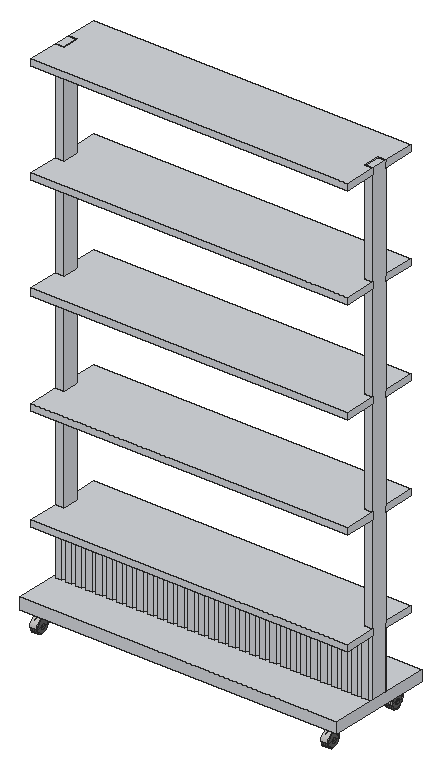
Revit family "ThinkingWall Shelf", category Generic Models, Revit 2023
Family settings
  Can host rebar = No
  Round Connector Dimension = Use Diameter
  Part Type = Normal
  Work Plane-Based = No
  Always vertical = Yes
  Cut with Voids When Loaded = No
  Maintain Annotation Orientation = No
  Shared = No
  Room Calculation Point = No
Parameters (values of type "ThinkingWall® Shelf")
  URL = "https://www.logovisual.com/product/whiteboards/thinkingwall/acoustics/thinkingwall-mobile-acoustic-shelf/"
  Steel Colour = none
  Shelf Colour = none
  Plinth Colour = none
  No of Slat = 31
  Model = "ThinkingWall® Shelf"
  Manufacturer = "Logovisual LTD"
  Length = 1200 mm  # constant formula
  Description = "Mobile freestanding shelving unit. Part of the ThinkingWall® range for flexible breakout and meeting spaces."
  Default Elevation = 0 mm
  Acoustic Colour = none
Reference planes
  plane 1 "Center (Front/Back)": y = 0
  plane 2: z = 0
  plane 3 "Center (Left/Right)": x = 0
  plane 4: y = 200
  plane 5: x = 1200
  plane 6: y = -200
  plane 7: x = 600
  plane 8: z = 71.5
  plane 9 "a": z = 114.5
  plane 10: x = 30
  plane 11: x = 1170
  plane 12: z = 1914.5
  plane 13: y = 30
  plane 14: y = -30
  plane 15: z = 363.5
  plane 16: x = 595
  plane 17: x = 605
  plane 18: y = -183
  plane 19: y = 182
  plane 20: z = 1504.5
  plane 21: z = 1114.5
  plane 22: y = 75
  plane 23: y = -75
  plane 24: x = 80
  plane 25: x = 1120
  plane 26: z = 1890.5
  plane 27: z = 1885.5
  plane 28: z = 1499.5
  plane 29: z = 1109.5
  plane 30: z = 724.5
  plane 31: z = 719.5
  plane 32: z = 1528.5
  plane 33: z = 1138.5
  plane 34: z = 748.5
  plane 35: z = 339.5
  plane 36: z = 334.5
Forms (mm)
  Extrusion 1, solid, material <- "Plinth Colour"
    sketch origin (-511.407, -1524, 71.5) x (-1, 0, 0) y (0, -1, 0)
      loop
        line (-511.407, -1724) -> (-511.407, -1324) -> (-1711.407, -1324) -> (-1711.407, -1724) -> (-511.407, -1724)
    from 0 to 43
  Extrusion 2, solid, material <- "Steel Colour"
    sketch origin (-511.407, -1524, 114.5) x (-1, 0, 0) y (0, -1, 0)
      loop
        line (-511.407, -1554) -> (-511.407, -1494) -> (-541.407, -1494) -> (-541.407, -1554) -> (-511.407, -1554)
      loop
        line (-1681.407, -1554) -> (-1681.407, -1494) -> (-1711.407, -1494) -> (-1711.407, -1554) -> (-1681.407, -1554)
    from 0 to 1800
  Extrusion 3, solid
    sketch origin (0, 0, 0) x (1, 0, 0) y (0, 0, 1)
      loop
        line (30, 1890.5) -> (30, 1885.5) -> (80, 1885.5) -> (80, 1890.5) -> (30, 1890.5)
      loop
        line (30, 1504.5) -> (30, 1499.5) -> (80, 1499.5) -> (80, 1504.5) -> (30, 1504.5)
      loop
        line (30, 1114.5) -> (30, 1109.5) -> (80, 1109.5) -> (80, 1114.5) -> (30, 1114.5)
      loop
        line (1170, 1114.5) -> (1120, 1114.5) -> (1120, 1109.5) -> (1170, 1109.5) -> (1170, 1114.5)
      loop
        line (1170, 1504.5) -> (1120, 1504.5) -> (1120, 1499.5) -> (1170, 1499.5) -> (1170, 1504.5)
      loop
        line (1170, 1890.5) -> (1120, 1890.5) -> (1120, 1885.5) -> (1170, 1885.5) -> (1170, 1890.5)
      loop
        line (30, 724.5) -> (30, 719.5) -> (80, 719.5) -> (80, 724.5) -> (30, 724.5)
      loop
        line (1170, 724.5) -> (1120, 724.5) -> (1120, 719.5) -> (1170, 719.5) -> (1170, 724.5)
      loop
        line (30, 329.5) -> (30, 324.5) -> (80, 324.5) -> (80, 329.5) -> (30, 329.5)
      loop
        line (1170, 324.5) -> (1170, 329.5) -> (1120, 329.5) -> (1120, 324.5) -> (1170, 324.5)
    from -75 to 75
  Extrusion 4, void
    sketch origin (-537.43, -1524, 363.5) x (0, -1, 0) y (-1, 0, 0)
      loop
        line (-1554, -537.43) -> (-1554, -567.43) -> (-1494, -567.43) -> (-1494, -537.43) -> (-1554, -537.43)
      loop
        line (-1554, -1737.43) -> (-1494, -1737.43) -> (-1494, -1707.43) -> (-1554, -1707.43) -> (-1554, -1737.43)
    from -1527 to 29
Cuts and joins
  Extrusion 4 cuts Extrusion 3
Dimensions and locks
  equal spacing: plane 4, plane 1 "Center (Front/Back)", plane 6
  plane 4 to plane 6 = 400 mm
  "Length": plane 3 "Center (Left/Right)" to plane 5
  locked: plane 3 "Center (Left/Right)" to nested 1 at 50
  locked: plane 4 to nested 1 at 50
  equal spacing: plane 3 "Center (Left/Right)", plane 7, plane 5
  locked: plane 4 to nested 2 at 50
  locked: nested 2 to plane 5 at 50
  locked: nested 4 to plane 5 at 50
  locked: plane 3 "Center (Left/Right)" to nested 3 at 50
  locked: plane 6 to nested 3 at 50
  locked: plane 6 to nested 4 at 50
  locked: plane 8 to level at 71.5
  plane 9 "a" to plane 8 = 43 mm
  locked: plane 3 "Center (Left/Right)" to plane 10 at 30
  locked: plane 11 to plane 5 at 30
  plane 12 to level = 1914.5 mm
  equal spacing: plane 13, plane 1 "Center (Front/Back)", plane 14
  locked: plane 13 to plane 14 at 60
  plane 15 to plane 9 "a" = 249 mm
  locked: plane 4 to plane 19 at 18
  locked: plane 6 to plane 18 at 17
  equal spacing: plane 16, plane 7, plane 17
  locked: plane 16 to plane 17 at 10
  plane 33 to plane 9 "a" = 1024 mm
  plane 32 to plane 9 "a" = 1414 mm
  plane 12 to plane 9 "a" = 1800 mm
  equal spacing: plane 22, plane 1 "Center (Front/Back)", plane 23, locked at 75 each
  locked: plane 10 to plane 24 at 50
  locked: plane 11 to plane 25 at 50
  plane 12 to plane 26 = 24 mm
  locked: plane 26 to plane 27 at 5
  locked: plane 20 to plane 28 at 5
  locked: plane 21 to plane 29 at 5
  equal spacing: group 1, group 3, group 4, group 5, group 6, group 7, group 8, group 9, group 10, group 11, group 12, group 13, group 14, group 15, group 16, group 17, group 18, group 19, group 20, group 41, group 42, group 43, group 44, group 45, group 46, group 47, group 48, group 49, group 50, group 61, group 2  (x3)
  equal spacing: group 21, group 23, group 24, group 25, group 26, group 27, group 28, group 29, group 30, group 31, group 32, group 33, group 34, group 35, group 36, group 37, group 38, group 39, group 40, group 51, group 52, group 53, group 54, group 55, group 56, group 57, group 58, group 59, group 60, group 62, group 22  (x3)
  locked: plane 30 to plane 31 at 5
  plane 34 to plane 9 "a" = 634 mm
  locked: plane 35 to plane 36 at 5
  locked: plane 15 to plane 35 at 24
  plane 34 to plane 30 = 24 mm
  plane 33 to plane 21 = 24 mm
  locked: plane 32 to plane 20 at 24
  aligned and locked: level to plane 2
  aligned and locked: Extrusion 1 sketch curve to plane 4
  aligned and locked: plane 3 "Center (Left/Right)" to Extrusion 1 sketch curve
  aligned and locked: Extrusion 1 sketch curve to plane 6
  aligned and locked: Extrusion 1 sketch curve to plane 5
  aligned and locked: Extrusion 1 to plane 8
  aligned and locked: Extrusion 1 to plane 9 "a"
  aligned and locked: Extrusion 2 sketch curve to plane 13  (x2)
  aligned and locked: plane 3 "Center (Left/Right)" to Extrusion 2 sketch curve
  aligned and locked: Extrusion 2 sketch curve to plane 14  (x2)
  aligned and locked: Extrusion 2 sketch curve to plane 10
  aligned and locked: Extrusion 2 sketch curve to plane 11
  aligned and locked: Extrusion 2 sketch curve to plane 5
  aligned and locked: Extrusion 2 to plane 9 "a"
  aligned and locked: plane 12 to Extrusion 2
  aligned and locked: plane 1 "Center (Front/Back)" to nested 5
  aligned and locked: nested 5 to plane 21
  aligned and locked: plane 12 to nested 7
  aligned and locked: nested 6 to plane 20
  aligned and locked: nested 8 to plane 9 "a"
  aligned and locked: plane 9 "a" to nested 9
  aligned and locked: plane 14 to nested 9
  aligned and locked: plane 14 to nested 8
  aligned and locked: plane 13 to nested 29
  aligned and locked: plane 13 to nested 28
  aligned and locked: nested 28 to plane 9 "a"
  aligned and locked: plane 9 "a" to nested 29
  aligned and locked: nested 48 to plane 30
  aligned and locked: nested 7 to plane 5
  aligned and locked: plane 3 "Center (Left/Right)" to nested 7
  aligned and locked: plane 3 "Center (Left/Right)" to nested 6
  aligned and locked: nested 6 to plane 5
  aligned and locked: nested 5 to plane 5
  aligned and locked: plane 3 "Center (Left/Right)" to nested 5
  aligned and locked: plane 3 "Center (Left/Right)" to nested 48
  aligned and locked: nested 48 to plane 5
  aligned and locked: plane 3 "Center (Left/Right)" to nested 8
  aligned and locked: plane 3 "Center (Left/Right)" to nested 28
  aligned and locked: nested 29 to plane 5
  aligned and locked: nested 9 to plane 5
  aligned and locked: plane 13 to Extrusion 4 sketch curve
  aligned and locked: Extrusion 4 sketch curve to plane 3 "Center (Left/Right)"
  aligned and locked: plane 14 to Extrusion 4 sketch curve
  aligned and locked: plane 10 to Extrusion 4 sketch curve
  aligned and locked: Extrusion 4 sketch curve to plane 13
  aligned and locked: Extrusion 4 sketch curve to plane 5
  aligned and locked: Extrusion 4 sketch curve to plane 14
  aligned and locked: Extrusion 4 sketch curve to plane 11
  aligned and locked: plane 3 "Center (Left/Right)" to nested 49
  aligned and locked: nested 49 to plane 5
  aligned and locked: plane 26 to nested 7
  aligned and locked: plane 26 to cut or joined group of Extrusion 3, Extrusion 4
  aligned and locked: plane 32 to nested 6
  aligned and locked: plane 33 to nested 5
  aligned and locked: plane 34 to nested 48
  aligned and locked: Extrusion 4 to nested 18
Automatic sketch dimensions
  Extrusion 3 sketch curve to plane 5 = 30 mm  (x2)
  Extrusion 3 sketch curve to plane 35 = 10 mm
  Extrusion 3 sketch curve to plane 36 = 10 mm  (x2)
  Extrusion 3 sketch curve to plane 36 = 5 mm
  Extrusion 3 sketch curve to plane 31 = 0 mm  (x2)
  Extrusion 3 sketch curve to plane 30 = 0 mm  (x2)
  Extrusion 3 sketch curve to plane 29 = 0 mm  (x2)
  Extrusion 3 sketch curve to plane 21 = 0 mm  (x2)
  Extrusion 3 sketch curve to plane 28 = 0 mm  (x2)
  Extrusion 3 sketch curve to plane 20 = 0 mm  (x2)
  Extrusion 3 sketch curve to plane 27 = 0 mm  (x2)
  Extrusion 3 sketch curve to plane 26 = 0 mm  (x2)
  Extrusion 3 sketch curve to plane 25 = 0 mm
  plane 11 to Extrusion 3 sketch curve = 50 mm  (x4)
  plane 10 to Extrusion 3 sketch curve = 50 mm  (x5)
  plane 11 to Extrusion 3 sketch curve = 0 mm  (x3)
  Extrusion 3 sketch curve to plane 10 = 0 mm  (x5)
Nested families
  nested 1: "50mm_Caster_Wheel 2" at (50, 150, 0) x (0, 1, 0) z (0, 0, 1), type "50mm_Caster_Wheel 2"
  nested 2: "50mm_Caster_Wheel 2" at (1150, 150, 0) x (0, 1, 0) z (0, 0, 1), type "50mm_Caster_Wheel 2"
  nested 3: "50mm_Caster_Wheel 2" at (50, -150, 0) x (0, 1, 0) z (0, 0, 1), type "50mm_Caster_Wheel 2"
  nested 4: "50mm_Caster_Wheel 2" at (1150, -150, 0) x (0, 1, 0) z (0, 0, 1), type "50mm_Caster_Wheel 2"
  nested 5: "Shelve" at (600, 0, 1114.5), type "Shelve"
    with Width 300 mm, Length 1200 mm
  nested 6: "Shelve" at (600, 0, 1504.5), type "Shelve"
    with Width 300 mm, Length 1200 mm
  nested 7: "Shelve" at (600, 0, 1890.5), type "Shelve"
    with Width 300 mm, Length 1200 mm
  nested 8: "Panel" at (0, -30, 114.5), type "Panel"
    with Height 220 mm
  nested 9: "Panel" at (1160, -30, 114.5), type "Panel"
    with Height 220 mm
  nested 10: "Panel" at (38.667, -30, 114.5), type "Panel"
    with Height 220 mm
  nested 11: "Panel" at (77.333, -30, 114.5), type "Panel"
    with Height 220 mm
  nested 12: "Panel" at (116, -30, 114.5), type "Panel"
    with Height 220 mm
  nested 13: "Panel" at (154.667, -30, 114.5), type "Panel"
    with Height 220 mm
  nested 14: "Panel" at (193.333, -30, 114.5), type "Panel"
    with Height 220 mm
  nested 15: "Panel" at (232, -30, 114.5), type "Panel"
    with Height 220 mm
  nested 16: "Panel" at (270.667, -30, 114.5), type "Panel"
    with Height 220 mm
  nested 17: "Panel" at (309.333, -30, 114.5), type "Panel"
    with Height 220 mm
  nested 18: "Panel" at (348, -30, 114.5), type "Panel"
    with Height 220 mm
  nested 19: "Panel" at (386.667, -30, 114.5), type "Panel"
    with Height 220 mm
  nested 20: "Panel" at (425.333, -30, 114.5), type "Panel"
    with Height 220 mm
  nested 21: "Panel" at (464, -30, 114.5), type "Panel"
    with Height 220 mm
  nested 22: "Panel" at (502.667, -30, 114.5), type "Panel"
    with Height 220 mm
  nested 23: "Panel" at (541.333, -30, 114.5), type "Panel"
    with Height 220 mm
  nested 24: "Panel" at (580, -30, 114.5), type "Panel"
    with Height 220 mm
  nested 25: "Panel" at (618.667, -30, 114.5), type "Panel"
    with Height 220 mm
  nested 26: "Panel" at (657.333, -30, 114.5), type "Panel"
    with Height 220 mm
  nested 27: "Panel" at (696, -30, 114.5), type "Panel"
    with Height 220 mm
  nested 28: "Panel" at (40, 30, 114.5) x (-1, 0, 0) z (0, 0, 1), type "Panel"
    with Height 220 mm
  nested 29: "Panel" at (1200, 30, 114.5) x (-1, 0, 0) z (0, 0, 1), type "Panel"
    with Height 220 mm
  nested 30: "Panel" at (78.667, 30, 114.5) x (-1, 0, 0) z (0, 0, 1), type "Panel"
    with Height 220 mm
  nested 31: "Panel" at (117.333, 30, 114.5) x (-1, 0, 0) z (0, 0, 1), type "Panel"
    with Height 220 mm
  nested 32: "Panel" at (156, 30, 114.5) x (-1, 0, 0) z (0, 0, 1), type "Panel"
    with Height 220 mm
  nested 33: "Panel" at (194.667, 30, 114.5) x (-1, 0, 0) z (0, 0, 1), type "Panel"
    with Height 220 mm
  nested 34: "Panel" at (233.333, 30, 114.5) x (-1, 0, 0) z (0, 0, 1), type "Panel"
    with Height 220 mm
  nested 35: "Panel" at (272, 30, 114.5) x (-1, 0, 0) z (0, 0, 1), type "Panel"
    with Height 220 mm
  nested 36: "Panel" at (310.667, 30, 114.5) x (-1, 0, 0) z (0, 0, 1), type "Panel"
    with Height 220 mm
  nested 37: "Panel" at (349.333, 30, 114.5) x (-1, 0, 0) z (0, 0, 1), type "Panel"
    with Height 220 mm
  nested 38: "Panel" at (388, 30, 114.5) x (-1, 0, 0) z (0, 0, 1), type "Panel"
    with Height 220 mm
  nested 39: "Panel" at (426.667, 30, 114.5) x (-1, 0, 0) z (0, 0, 1), type "Panel"
    with Height 220 mm
  nested 40: "Panel" at (465.333, 30, 114.5) x (-1, 0, 0) z (0, 0, 1), type "Panel"
    with Height 220 mm
  nested 41: "Panel" at (504, 30, 114.5) x (-1, 0, 0) z (0, 0, 1), type "Panel"
    with Height 220 mm
  nested 42: "Panel" at (542.667, 30, 114.5) x (-1, 0, 0) z (0, 0, 1), type "Panel"
    with Height 220 mm
  nested 43: "Panel" at (581.333, 30, 114.5) x (-1, 0, 0) z (0, 0, 1), type "Panel"
    with Height 220 mm
  nested 44: "Panel" at (620, 30, 114.5) x (-1, 0, 0) z (0, 0, 1), type "Panel"
    with Height 220 mm
  nested 45: "Panel" at (658.667, 30, 114.5) x (-1, 0, 0) z (0, 0, 1), type "Panel"
    with Height 220 mm
  nested 46: "Panel" at (697.333, 30, 114.5) x (-1, 0, 0) z (0, 0, 1), type "Panel"
    with Height 220 mm
  nested 47: "Panel" at (736, 30, 114.5) x (-1, 0, 0) z (0, 0, 1), type "Panel"
    with Height 220 mm
  nested 48: "Shelve" at (600, 0, 724.5), type "Shelve"
    with Width 300 mm, Length 1200 mm
  nested 49: "Shelve" at (600, 0, 329.5), type "Shelve"
    with Width 300 mm, Length 1200 mm
  nested 50: "Panel" at (734.667, -30, 114.5), type "Panel"
    with Height 220 mm
  nested 51: "Panel" at (773.333, -30, 114.5), type "Panel"
    with Height 220 mm
  nested 52: "Panel" at (812, -30, 114.5), type "Panel"
    with Height 220 mm
  nested 53: "Panel" at (850.667, -30, 114.5), type "Panel"
    with Height 220 mm
  nested 54: "Panel" at (889.333, -30, 114.5), type "Panel"
    with Height 220 mm
  nested 55: "Panel" at (928, -30, 114.5), type "Panel"
    with Height 220 mm
  nested 56: "Panel" at (966.667, -30, 114.5), type "Panel"
    with Height 220 mm
  nested 57: "Panel" at (1005.333, -30, 114.5), type "Panel"
    with Height 220 mm
  nested 58: "Panel" at (1044, -30, 114.5), type "Panel"
    with Height 220 mm
  nested 59: "Panel" at (1082.667, -30, 114.5), type "Panel"
    with Height 220 mm
  nested 60: "Panel" at (774.667, 30, 114.5) x (-1, 0, 0) z (0, 0, 1), type "Panel"
    with Height 220 mm
  nested 61: "Panel" at (813.333, 30, 114.5) x (-1, 0, 0) z (0, 0, 1), type "Panel"
    with Height 220 mm
  nested 62: "Panel" at (852, 30, 114.5) x (-1, 0, 0) z (0, 0, 1), type "Panel"
    with Height 220 mm
  nested 63: "Panel" at (890.667, 30, 114.5) x (-1, 0, 0) z (0, 0, 1), type "Panel"
    with Height 220 mm
  nested 64: "Panel" at (929.333, 30, 114.5) x (-1, 0, 0) z (0, 0, 1), type "Panel"
    with Height 220 mm
  nested 65: "Panel" at (968, 30, 114.5) x (-1, 0, 0) z (0, 0, 1), type "Panel"
    with Height 220 mm
  nested 66: "Panel" at (1006.667, 30, 114.5) x (-1, 0, 0) z (0, 0, 1), type "Panel"
    with Height 220 mm
  nested 67: "Panel" at (1045.333, 30, 114.5) x (-1, 0, 0) z (0, 0, 1), type "Panel"
    with Height 220 mm
  nested 68: "Panel" at (1084, 30, 114.5) x (-1, 0, 0) z (0, 0, 1), type "Panel"
    with Height 220 mm
  nested 69: "Panel" at (1122.667, 30, 114.5) x (-1, 0, 0) z (0, 0, 1), type "Panel"
    with Height 220 mm
  nested 70: "Panel" at (1121.333, -30, 114.5), type "Panel"
    with Height 220 mm
  nested 71: "Panel" at (1161.333, 30, 114.5) x (-1, 0, 0) z (0, 0, 1), type "Panel"
    with Height 220 mm
Definition of nested family "50mm_Caster_Wheel 2"
  Parameters (values of type "50mm_Caster_Wheel 2")
    Default Elevation = 0 mm
  Reference planes
    plane 1 "Center (Front/Back)": y = 0
    plane 2: z = 0
    plane 3 "Center (Left/Right)": x = 0
    plane 4 "VWhlCntr": x = -22
    plane 5 "WhlCntr": z = 25
    plane 6: z = 56.73
    plane 7: z = 55.23
  Forms (mm)
    Revolve 1, solid
      sketch origin (0, 0, 25) x (-1, 0, 0) y (0, -1, 0)
        loop
          line (45.5, 13.5) -> (29.872, 13.5) -> (30.032, 14.411)
          arc (30.032, 14.411) -> (29.873, 15.004) -> (29.317, 15.263) r 0.727
          line (29.317, 15.263) -> (22, 15.263) -> (22, 4.169) -> (47, 4.169) -> (47, 12)
          arc (47, 12) -> (46.561, 13.061) -> (45.5, 13.5) r 1.5
        loop
          arc (45.5, -13.5) -> (46.561, -13.061) -> (47, -12) r 1.5
          line (47, -12) -> (47, -4.169) -> (22, -4.169) -> (22, -15.263) -> (29.317, -15.263)
          arc (29.317, -15.263) -> (29.873, -15.004) -> (30.032, -14.411) r 0.727
          line (30.032, -14.411) -> (29.872, -13.5) -> (45.5, -13.5)
        axis (22, 15.263) -> (22, -15.263)
      angle from 0 to 360
    Revolve 2, solid
      sketch origin (0, 0, 25) x (-1, 0, 0) y (0, -1, 0)
        loop
          line (22, 3.174) -> (33.047, 3.174)
          arc (33.047, 3.174) -> (32.755, 3.878) -> (32.052, 4.169) r 0.995
          line (32.052, 4.169) -> (22, 4.169) -> (22, 3.174)
        loop
          line (22, -3.174) -> (22, -4.169) -> (32.052, -4.169)
          arc (32.052, -4.169) -> (32.755, -3.878) -> (33.047, -3.174) r 0.995
          line (33.047, -3.174) -> (22, -3.174)
        axis (22, 4.169) -> (22, -4.169)
      angle from 0 to 360
    Revolve 3, solid
      sketch origin (0, 0, 0) x (1, 0, 0) y (0, 0, 1)
        loop
          line (0, 60) -> (21.525, 60) -> (21.525, 62.198)
          arc (21.525, 62.198) -> (20.577, 63.345) -> (19.43, 64.292) r 7.866
          arc (19.43, 64.292) -> (16.996, 68.264) -> (12.416, 67.416) r 4.113
          line (12.416, 67.416) -> (10, 65) -> (10, 70) -> (0, 70) -> (0, 60)
        axis (0, 60) -> (0, 70)
      angle from 0 to 360
    Extrusion 4, solid
      sketch origin (0, 0, 0) x (1, 0, 0) y (0, 0, 1)
        loop
          circle (-22, 25) r 2.964
      from -12.5 to 12.5
    Extrusion 5, solid
      sketch origin (0, 0, 70) x (1, 0, 0) y (0, 1, 0)
        loop
          line (-25, 25) -> (-25, -25) -> (25, -25) -> (25, 25) -> (-25, 25)
      from 0 to 1.5
    Extrusion 6, solid
      sketch origin (0, 0, 0) x (1, 0, 0) y (0, 0, 1)
        loop
          line (-49.398, 25.312) -> (-47.348, 25.312)
          arc (-47.348, 25.312) -> (-22.059, 50.601) -> (3.229, 25.313) r 25.288
          line (3.229, 25.313) -> (5.279, 25.313)
          arc (5.279, 25.313) -> (-22.059, 52.651) -> (-49.398, 25.312) r 27.339
      from -13.5 to 13.5
    Extrusion 7, solid
      sketch origin (0, 0, 0) x (1, 0, 0) y (0, 0, 1)
        loop
          arc (-22.059, 52.651) -> (-2.728, 44.644) -> (5.279, 25.312) r 27.339
          line (5.279, 25.312) -> (5.279, 60) -> (-22.059, 60) -> (-22.059, 52.651)
      from -13.5 to 13.5
  Dimensions and locks
    plane 3 "Center (Left/Right)" to plane 4 "VWhlCntr" = 22 mm
    Revolve 3 to level = 70 mm
    Revolve 3 to plane 2 = 70 mm
    diameter of Revolve 1 = 50 mm
    aligned and locked: level to plane 2
Definition of nested family "Shelve"
  Parameters (values of type "Shelve")
    Width [instance] = 400 mm
    Shelve = none
    Length [instance] = 570 mm
    Default Elevation = 0 mm
  Reference planes
    plane 1 "Center (Front/Back)": y = 0
    plane 2: z = 0
    plane 3 "Center (Left/Right)": x = 0
    plane 4: x = -285
    plane 5: y = 200
    plane 6: y = -200
    plane 7: x = 285
    plane 8: z = 24
    plane 9: z = 12
    plane 10: x = 255
    plane 11: x = -255
    plane 12: y = 30
    plane 13: y = -30
  Forms (mm)
    Extrusion 1, solid, material <- "Shelve"
      sketch origin (0, 0, 0) x (1, 0, 0) y (0, 1, 0)
        loop
          line (-285, 200) -> (-285, 30) -> (-255, 30) -> (-255, -30) -> (-285, -30) -> (-285, -200) -> (285, -200) -> (285, -30) -> (255, -30) -> (255, 30) -> (285, 30) -> (285, 200) -> (-285, 200)
      from 0 to 24
  Dimensions and locks
    equal spacing: plane 8, plane 9, level
    equal spacing: plane 4, plane 3 "Center (Left/Right)", plane 7
    "Length": plane 4 to plane 7
    equal spacing: plane 5, plane 1 "Center (Front/Back)", plane 6
    "Width": plane 5 to plane 6
    locked: plane 4 to plane 11 at 30
    locked: plane 10 to plane 7 at 30
    equal spacing: plane 12, plane 1 "Center (Front/Back)", plane 13
    locked: plane 12 to plane 13 at 60
    aligned and locked: level to plane 2
    aligned and locked: plane 8 to Extrusion 1
    aligned and locked: Extrusion 1 sketch curve to plane 12
    aligned and locked: plane 12 to Extrusion 1 sketch curve
    aligned and locked: Extrusion 1 sketch curve to plane 11
    aligned and locked: Extrusion 1 sketch curve to plane 13
    aligned and locked: plane 13 to Extrusion 1 sketch curve
    aligned and locked: plane 10 to Extrusion 1 sketch curve
  Automatic sketch dimensions
    plane 6 to Extrusion 1 sketch curve = 0 mm
    Extrusion 1 sketch curve to plane 5 = 0 mm
    Extrusion 1 sketch curve to plane 4 = 0 mm  (x2)
    Extrusion 1 sketch curve to plane 7 = 0 mm  (x2)
Definition of nested family "Panel"
  Parameters (values of type "Panel")
    Height = 1190.083 mm
    Default Elevation = 0 mm
    Acoustic = none
  Reference planes
    plane 1 "Center (Front/Back)": y = 0
    plane 2: z = 0
    plane 3 "Center (Left/Right)": x = 0
    plane 4: z = 1190.083
    plane 5: x = 40
    plane 6: y = -12
    plane 7: z = 0
    plane 8: x = 8
    plane 9: x = 32
  Forms (mm)
    Extrusion 1, solid, material <- "Acoustic"
      sketch origin (0, 0, 0) x (1, 0, 0) y (0, 1, 0)
        loop
          line (0, 0) -> (8, -12) -> (32, -12) -> (40, 0) -> (0, 0)
      from 0 to 1190.083
  Dimensions and locks
    plane 3 "Center (Left/Right)" to plane 5 = 40 mm
    plane 6 to plane 1 "Center (Front/Back)" = 12 mm  (x2)
    "Height": plane 4 to plane 2
    plane 7 to level = 0 mm
    plane 5 to plane 3 "Center (Left/Right)" = 40 mm
    plane 3 "Center (Left/Right)" to plane 8 = 8 mm
    plane 9 to plane 5 = 8 mm
    aligned and locked: level to plane 2
    aligned and locked: plane 1 "Center (Front/Back)" to Extrusion 1 sketch curve
    aligned and locked: plane 6 to Extrusion 1 sketch curve
    aligned and locked: Extrusion 1 to plane 7
    aligned and locked: plane 4 to Extrusion 1
  Automatic sketch dimensions
    Extrusion 1 sketch curve to plane 3 "Center (Left/Right)" = 0 mm
    Extrusion 1 sketch curve to plane 8 = 0 mm
    Extrusion 1 sketch curve to plane 9 = 0 mm
    Extrusion 1 sketch curve to plane 5 = 0 mm
